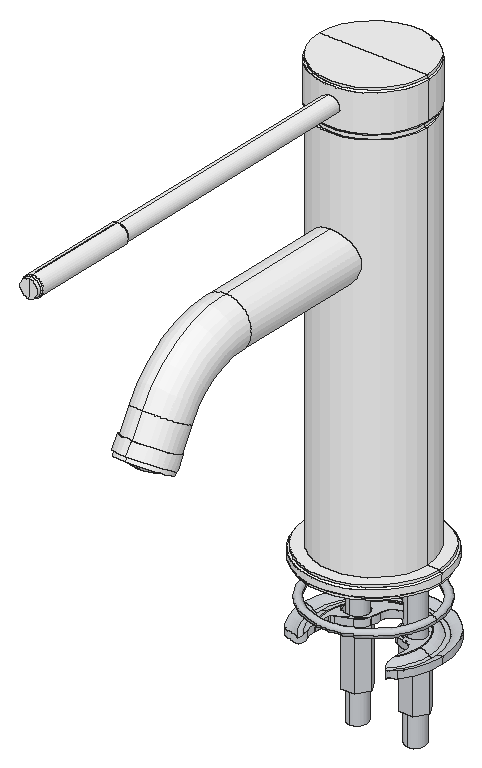
Revit family "Reece_Tap_Milli_Etch_Basin Mixer_Extended Lever", category Plumbing Fixtures, host Face, Revit 2018
Family settings
  Host = Face
  Round Connector Dimension = Use Diameter
  Part Type = Normal
  Cut with Voids When Loaded = No
  Shared = Yes
  Room Calculation Point = Yes
Parameters (values of type "107 mm_Chrome")
  WFU = 0  # constant formula
  URL = "https://www.reece.com.au/product/-21352"
  Type Comments = "Tap"
  Reece_Tap_Reach = 107 mm  # constant formula
  Reece_Tap_Inlet = 12 mm  # constant formula
  Reece_Tap_Clearance = 78 mm  # constant formula
  Reece_Product_Web Page = "https://www.reece.com.au/product/-21352"
  Reece_Product_Type = "Tap"
  Reece_Product_Sub Brand = "Etch"
  Reece_Product_Number = "21352"
  Reece_Product_Mount = "Hob Mounted"
  Reece_Product_Description = "Milli Etch Basin Mixer Tap with Extended Lever Chrome (6 Star) Lead Free"
  Reece_Product_Brand = "Milli"
  Reece_Overall_Length = 185 mm  # constant formula
  Reece_Overall_Height = 168 mm  # constant formula
  Reece_Material_Secondary = Reece_Brass_Chrome_Knurl Pattern
  Reece_Material_Main = Reece_Brass_Chrome
  Reece_Detail_Installation = ""
  Reece_Detail_Disclaimer = "THIS FILE IS THE PROPERTY OF THE REECE GROUP. IT MAY NOT BE REPRODUCED, REVERSE-ENGINEERED, OR MODIFIED. ANY REPUBLICATION, TRANSMISSION, OR DISTRIBUTION FOR THE PURPOSE OF COMMERCIALLY EXPLOITING THE FILES IS PROHIBITED."  # constant formula
  Reece_Detail_Connector = ""
  Reece_Detail_Additional = "Basin Mixer"
  Model = "Etch"
  Manufacturer = "Milli"
  Keynote = "Product #21352, Reece_Tap_Milli_Etch_Basin Mixer_Extended Lever - 107 mm_Chrome"
  HWFU = 0  # constant formula
  Disclaimer = "THIS FILE IS THE PROPERTY OF THE REECE GROUP. IT MAY NOT BE REPRODUCED, REVERSE-ENGINEERED, OR MODIFIED. ANY REPUBLICATION, TRANSMISSION, OR DISTRIBUTION FOR THE PURPOSE OF COMMERCIALLY EXPLOITING THE FILES IS PROHIBITED."  # constant formula
  Description = "Milli Etch Basin Mixer Tap with Extended Lever Chrome (6 Star) Lead Free"
  Default Elevation = 1000 mm
  CWFU = 0  # constant formula
Types (6, lengths in mm): name | URL | Reece_Product_Web Page | Reece_Product_Number | Reece_Product_Description | Reece_Material_Secondary | Reece_Material_Main | Keynote | Description
  107 mm_Chrome | "https://www.reece.com.au/product/-21352" | "https://www.reece.com.au/product/-21352" | "21352" | "Milli Etch Basin Mixer Tap with Extended Lever Chrome (6 Star) Lead Free" | Reece_Brass_Chrome_Knurl Pattern | Reece_Brass_Chrome | "Product #21352, Reece_Tap_Milli_Etch_Basin Mixer_Extended Lever - 107 mm_Chrome" | "Milli Etch Basin Mixer Tap with Extended Lever Chrome (6 Star) Lead Free"
  107 mm_Brushed Bronze | "https://www.reece.com.au/product/-21357" | "https://www.reece.com.au/product/-21357" | "21357" | "Milli Etch Basin Mixer Tap with Extended Lever Brushed Bronze (6 Star) Lead Free" | Reece_PVD_Brushed Bronze_Knurl Pattern | Reece_PVD_Brushed Bronze | "Product #21357, Reece_Tap_Milli_Etch_Basin Mixer_Extended Lever - 107 mm_Brushed Bronze" | "Milli Etch Basin Mixer Tap with Extended Lever Brushed Bronze (6 Star) Lead Free"
  107 mm_Brushed Gunmetal | "https://www.reece.com.au/product/-21356" | "https://www.reece.com.au/product/-21356" | "21356" | "Milli Etch Basin Mixer Tap with Extended Lever Brushed Gunmetal (6 Star) Lead Free" | Reece_Brass_Brushed Gunmetal_Knurl Pattern | Reece_Brass_Brushed Gunmetal | "Product #21356, Reece_Tap_Milli_Etch_Basin Mixer_Extended Lever - 107 mm_Brushed Gunmetal" | "Milli Etch Basin Mixer Tap with Extended Lever Brushed Gunmetal (6 Star) Lead Free"
  107 mm_Brushed Nickel | "https://www.reece.com.au/product/-21354" | "https://www.reece.com.au/product/-21354" | "21354" | "Milli Etch Basin Mixer Tap with Extended Lever Brushed Nickel (6 Star) Lead Free" | Reece_Brass_Brushed Nickel_Knurl Pattern | Reece_Brass_Brushed Nickel | "Product #21354, Reece_Tap_Milli_Etch_Basin Mixer_Extended Lever - 107 mm_Brushed Nickel" | "Milli Etch Basin Mixer Tap with Extended Lever Brushed Nickel (6 Star) Lead Free"
  107 mm_Brushed Gold | "https://www.reece.com.au/product/-21355" | "https://www.reece.com.au/product/-21355" | "21355" | "Milli Etch Basin Mixer Tap with Extended Lever Brushed Gold (6 Star) Lead Free" | Reece_PVD_Brushed Gold_Knurl Pattern | Reece_PVD_Brushed Gold | "Product #21355, Reece_Tap_Milli_Etch_Basin Mixer_Extended Lever - 107 mm_Brushed Gold" | "Milli Etch Basin Mixer Tap with Extended Lever Brushed Gold (6 Star) Lead Free"
  107 mm_Matte Black | "https://www.reece.com.au/product/-21353" | "https://www.reece.com.au/product/-21353" | "21353" | "Milli Etch Basin Mixer Tap with Extended Lever Matte Black (6 Star) Lead Free" | Reece_Brass_Matte Black_Knurl Pattern | Reece_Brass_Matte Black | "Product #21353, Reece_Tap_Milli_Etch_Basin Mixer_Extended Lever - 107 mm_Matte Black" | "Milli Etch Basin Mixer Tap with Extended Lever Matte Black (6 Star) Lead Free"
Reference planes
  plane 1 "Center (Front/Back)": y = 0
  plane 2 "Bottom": z = 0
  plane 3 "Center (Left/Right)": x = 0
  plane 4: y = 25
  plane 5: z = 168
  plane 6: z = 78
  plane 7: y = -107
  plane 8: through (0, -107.027, 78) normal (0, -0.866, 0.5)
  plane 9: y = -160
Forms (mm)
  Revolve 1, solid, material "Reece_Brass_Chrome" <- "Reece_Material_Main"
    sketch origin (0, 0, 0) x (1, 0, 0) y (0, 0, 1)
      loop
        line (-20, 150.5) -> (-20, 5) -> (-24.505, 5) -> (-24.505, 4.2) -> (-25.259, 3.7) -> (-23.075, 3.7) -> (-23.075, 1.3) -> (-25.259, 1.3) -> (-24.505, 0.8) -> (-24.505, 0) -> (0, 0) -> (0, 160.281) -> (-19.2, 160.281) -> (-19.2, 150.5) -> (-20, 150.5)
      axis (0, 160.281) -> (0, 0)
    angle from 0 to 360
  Revolve 2, solid, material "Reece_Brass_Chrome" <- "Reece_Material_Main"
    sketch origin (0, 0, 7.15) x (0, 1, 0) y (0, 0, 1)
      loop
        line (1.101, 153) -> (-118.7, 153) -> (-118.7, 149.25) -> (-118.1, 149.75) -> (1.101, 149.75) -> (1.101, 153)
      loop
        line (-158.2, 153) -> (-160, 153) -> (-160, 149.75) -> (-158.8, 149.75) -> (-158.2, 149.25) -> (-158.2, 153)
      axis (1.101, 153) -> (-160, 153)
    angle from 0 to 360
  Sweep 3, solid, material "Reece_Brass_Chrome" <- "Reece_Material_Main"
    path origin (0, 23, 0) x (0, 1, 0) y (0, 0, 1)
      loop
        line (-23, 109) -> (-91.668, 109)
        arc (-91.668, 109) -> (-109.168, 104.311) -> (-121.979, 91.5) r 35
        line (-121.979, 91.5) -> (-129.773, 78)
    profile origin (0, -34.334, 109) x (0, 0, -1) y (1, 0, 0)
      loop
        circle (0, 0) r 7.861
      loop
        circle (0, 0) r 9.5
  Extrusion 4, solid
    sketch origin (0, 0, 0) x (0, 1, 0) y (1, 0, 0)
      loop
        circle (6, 10.743) r 3.5
      loop
        circle (6, -10.743) r 3.5
    from 60 to 0
  Revolve 5, solid
    sketch origin (0, 0, -7.5) x (1, 0, 0) y (0, 0, 1)
      loop
        arc (-17.127, -16) -> (-19.041, -16.417) -> (-20.607, -17.592) r 4.6
        arc (-20.607, -17.592) -> (-21.5, -18) -> (-22.393, -17.592) r 1.18
        arc (-22.393, -17.592) -> (-23.926, -16.432) -> (-25.8, -16.001) r 4.6
        line (-25.8, -16.001) -> (-25.8, -18.5) -> (-24.2, -18.5)
        arc (-24.2, -18.5) -> (-21.5, -20) -> (-18.8, -18.5) r 3.18
        line (-18.8, -18.5) -> (-17.2, -18.5) -> (-17.2, -16.001)
      axis (0, -16) -> (0, -18.5)
    angle from 0 to 360
  Extrusion 6, void
    sketch origin (0, 0, -26) x (1, 0, 0) y (0, 1, 0)
      loop
        line (-15, -8.4) -> (-15, -11.9)
        arc (-15, -11.9) -> (-17.056, -15.277) -> (-21, -15) r 3.801
        line (-21, -15) -> (-27.6, -15) -> (-27.6, -34.6) -> (0, -34.6) -> (27.6, -34.6) -> (27.6, -15) -> (21, -15)
        arc (21, -15) -> (17.056, -15.277) -> (15, -11.9) r 3.801
        line (15, -11.9) -> (15, -8.4) -> (-15, -8.4)
    from 8.9 to -9.664
  Revolve 7, solid, material "Reece_Brass_Chrome_Knurl Pattern" <- "Reece_Material_Secondary"
    sketch origin (0, 0, 7.15) x (0, 1, 0) y (0, 0, 1)
      loop
        line (-158.2, 155.95) -> (-118.7, 155.95) -> (-118.7, 156.75) -> (-158.2, 156.75) -> (-158.2, 155.95)
      axis (-118.7, 153) -> (-158.2, 153)
    angle from 0 to 360
  Extrusion 8, solid
    sketch origin (0, 0, 0) x (1, 0, 0) y (0, 1, 0)
      loop
        circle (-10.743, 6) r 3.5
      loop
        line (-5.543, 6) -> (-8.143, 10.503) -> (-13.343, 10.503) -> (-15.943, 6) -> (-13.343, 1.497) -> (-8.143, 1.497) -> (-5.543, 6)
      loop
        circle (10.743, 6) r 3.5
      loop
        line (15.943, 6) -> (13.343, 10.503) -> (8.143, 10.503) -> (5.543, 6) -> (8.143, 1.497) -> (13.343, 1.497) -> (15.943, 6)
    from -48.5 to -26
  Extrusion 9, solid
    sketch origin (0.009, 0, 0) x (1, 0, 0) y (0, 1, 0)
      loop
        arc (-17.2, 0) -> (-16.643, -4.34) -> (-15.009, -8.4) r 17.2
        line (-15.009, -8.4) -> (-15.009, -2.598)
        arc (-15.009, -2.598) -> (-14.617, -1.409) -> (-13.595, -0.686) r 2
        line (-13.595, -0.686) -> (-6.814, 3.229)
        arc (-6.814, 3.229) -> (-4.792, 5.425) -> (-4.382, 8.382) r 5
        arc (-4.382, 8.382) -> (0, 13.556) -> (4.382, 8.382) r 4.443
        arc (4.382, 8.382) -> (4.792, 5.425) -> (6.814, 3.229) r 5
        line (6.814, 3.229) -> (13.595, -0.686)
        arc (13.595, -0.686) -> (14.617, -1.409) -> (15.009, -2.598) r 2
        line (15.009, -2.598) -> (15.009, -8.4)
        arc (15.009, -8.4) -> (16.643, -4.34) -> (17.2, 0) r 17.2
        arc (17.2, 0) -> (0, 17.2) -> (-17.2, 0) r 17.2
      loop
        line (-12.14, 9.204) -> (-13.722, 8.291)
        arc (-13.722, 8.291) -> (-15.003, 3.51) -> (-10.222, 2.229) r 3.5
        line (-10.222, 2.229) -> (-8.64, 3.142)
        arc (-8.64, 3.142) -> (-7.359, 7.923) -> (-12.14, 9.204) r 3.5
      loop
        arc (12.14, 9.204) -> (7.359, 7.923) -> (8.64, 3.142) r 3.5
        line (8.64, 3.142) -> (10.222, 2.229)
        arc (10.222, 2.229) -> (15.003, 3.51) -> (13.722, 8.291) r 3.5
        line (13.722, 8.291) -> (12.14, 9.204)
    from -23.5 to -26
  Revolve 10, solid
    sketch origin (0, 0, 0) x (1, 0, 0) y (0, 0, 1)
      loop
        circle (-22, -12.598) r 1.3
      axis (0, -12.598) -> (0, -13.598)
    angle from 0 to 360
  Extrusion 11, void
    sketch origin (0, 0, 0) x (1, 0, 0) y (0, 1, 0)
      loop
        circle (-10.743, 6) r 3.5
      loop
        circle (10.743, 6) r 3.5
      loop
        circle (7.191, -5.721) r 6.7
      loop
        circle (-7.191, -5.721) r 6.7
    from 4.469 to 0
  Extrusion 12, solid
    sketch origin (0, 0, -26) x (0, 1, 0) y (1, 0, 0)
      loop
        arc (-8.417, -15) -> (17.2, 0) -> (-8.417, 15) r 17.2
        line (-8.417, 15) -> (-2.83, 15)
        arc (-2.83, 15) -> (-1.68, 14.638) -> (-0.946, 13.681) r 2.004
        line (-0.946, 13.681) -> (1.021, 8.277)
        arc (1.021, 8.277) -> (2.606, 6.074) -> (5.11, 5.025) r 5
        line (5.11, 5.025) -> (9.672, 4.465)
        arc (9.672, 4.465) -> (13.622, 0) -> (9.672, -4.465) r 4.498
        line (9.672, -4.465) -> (5.11, -5.025)
        arc (5.11, -5.025) -> (2.606, -6.074) -> (1.021, -8.277) r 5
        line (1.021, -8.277) -> (-1.001, -13.832)
        arc (-1.001, -13.832) -> (-1.44, -14.535) -> (-2.127, -15) r 2
        line (-2.127, -15) -> (-8.417, -15)
      loop
        line (2.677, -9.644) -> (2.335, -10.584)
        arc (2.335, -10.584) -> (4.512, -14.989) -> (8.948, -12.876) r 3.5
        line (8.948, -12.876) -> (9.523, -11.293)
        arc (9.523, -11.293) -> (7.565, -6.747) -> (3.019, -8.704) r 3.5
        line (3.019, -8.704) -> (2.677, -9.644)
      loop
        line (2.677, 9.644) -> (3.019, 8.704)
        arc (3.019, 8.704) -> (7.565, 6.747) -> (9.523, 11.293) r 3.5
        line (9.523, 11.293) -> (8.948, 12.876)
        arc (8.948, 12.876) -> (4.512, 14.989) -> (2.335, 10.584) r 3.5
        line (2.335, 10.584) -> (2.677, 9.644)
    from 0 to -2.5
  Revolve 13, solid, material "Reece_Brass_Chrome" <- "Reece_Material_Main"
    sketch origin (0, 0, 0) x (0, 1, 0) y (0, 0, 1)
      loop
        line (-99.434, 73.763) -> (-98.708, 75.019) -> (-106.047, 79.257) -> (-107.446, 76.834)
        arc (-107.446, 76.834) -> (-104.275, 75.395) -> (-100.884, 74.6) r 17.839
        line (-100.884, 74.6) -> (-99.434, 73.763)
      axis (-106.047, 79.257) -> (-107.446, 76.834)
    angle from 0 to 360
  Extrusion 14, void
    sketch origin (0, 0, 0) x (0, 1, 0) y (0, 0, 1)
      loop
        line (-105.907, 77.5) -> (-107.639, 78.5) -> (-109.528, 75.227) -> (-107.796, 74.227) -> (-105.907, 77.5)
    from 20 to -20.015
  Extrusion 15, void
    sketch origin (0, 0, 0) x (1, 0, 0) y (0, 1, 0)
      loop
        circle (0, 0) r 23.583
    from 0 to -80
  Revolve 16, solid, material "Reece_Brass_Chrome_Knurl Pattern" <- "Reece_Material_Secondary"
    sketch origin (0, 23, 0) x (0, 1, 0) y (0, 0, 1)
      loop
        line (-129.214, 79.409) -> (-120.553, 74.409) -> (-118.053, 78.739) -> (-126.714, 83.739) -> (-129.214, 79.409)
      axis (-126.714, 83.739) -> (-129.214, 79.409)
    angle from 0 to 360
  Revolve 17, solid, material "Reece_Brass_Chrome_Knurl Pattern" <- "Reece_Material_Secondary"
    sketch origin (0, 0, 0) x (1, 0, 0) y (0, 0, 1)
      loop
        line (-23.583, 3.7) -> (-25.259, 3.7) -> (-25.259, 1.3) -> (-23.583, 1.3) -> (-23.583, 3.7)
      axis (0, 3.7) -> (0, 1.3)
    angle from 0 to 360
  Revolve 18, solid, material "Reece_Brass_Chrome" <- "Reece_Material_Main"
    sketch origin (0, 0, 5.5) x (1, 0, 0) y (0, 0, 1)
      loop
        line (0, 162.5) -> (-20, 162.5) -> (-20, 161.7) -> (-20.5, 161.1) -> (-17, 161.1) -> (-17, 147.4) -> (-20.5, 147.4) -> (-20, 146.8) -> (0, 146.8) -> (0, 162.5)
      axis (0, 146.8) -> (0, 162.5)
    angle from 0 to 360
  Revolve 19, solid, material "Reece_Brass_Chrome_Knurl Pattern" <- "Reece_Material_Secondary"
    sketch origin (0, 0, 5.5) x (1, 0, 0) y (0, 0, 1)
      loop
        line (-20.5, 161.1) -> (-20.5, 147.4) -> (0, 147.4) -> (0, 161.1) -> (-20.5, 161.1)
      axis (0, 147.4) -> (0, 161.1)
    angle from 0 to 360
Cuts and joins
  Extrusion 6 cuts Revolve 5
  Extrusion 11 cuts Extrusion 4
  Extrusion 11 cuts Revolve 1
  Extrusion 14 cuts Sweep 3
  Extrusion 14 cuts Revolve 13
  joined: Revolve 1, Revolve 2, Sweep 3, Revolve 13, Revolve 18
Text (mm)
  text "Reece ©" at (-376.789, -229.394, 0), in view "Ref. Level"
  text "Reece ©" at (44.384, 258.95, 192.345), in view "Reece Preview"
Dimensions and locks
  "Reece_Tap_Clearance": plane 6 to level
  "Reece_Overall_Height": level to plane 5
  "Reece_Tap_Reach": plane 1 "Center (Front/Back)" to plane 7
  plane 1 "Center (Front/Back)" to plane 9 = 160 mm
  "Reece_Overall_Length": plane 4 to plane 9
  aligned and locked: plane 2 "Bottom" to host face
  aligned and locked: level to host face
  aligned and locked: host face to Extrusion 15
  aligned and locked: plane 1 "Center (Front/Back)" to Sweep 3 sketch curve
Automatic sketch dimensions
  host sketch curve to host sketch curve = 380.785 mm
  host sketch curve to host sketch curve = 317.421 mm
  Sweep 3 sketch curve to Sweep 3 sketch curve = 0 mm  (x2)
  Sweep 3 sketch curve to profile plane = 0 mm  (x2)
  Extrusion 4 sketch curve to Extrusion 4 sketch curve = 21.485 mm
  Revolve 5 sketch curve to Revolve 5 sketch curve = 0 mm  (x4)
  Revolve 5 sketch curve to plane 3 "Center (Left/Right)" = 0 mm
  Revolve 5 sketch curve to plane 3 "Center (Left/Right)" = 17.127 mm
  Revolve 5 sketch curve to Revolve 5 sketch curve = 0.073 mm  (x2)
  Revolve 5 sketch curve to Revolve 5 sketch curve = 1.6 mm  (x2)
  Revolve 5 sketch curve to Revolve 5 sketch curve = 2.7 mm  (x2)
  Revolve 5 sketch curve to level = 28.1 mm
  Revolve 5 sketch curve to Revolve 5 sketch curve = 2.1 mm
  Revolve 5 sketch curve to Revolve 5 sketch curve = 1.68 mm
  Revolve 5 sketch curve to Revolve 5 sketch curve = 2.499 mm
  Revolve 5 sketch curve to Revolve 5 sketch curve = 0.893 mm
  Revolve 5 sketch curve to Revolve 5 sketch curve = 0.4 mm
  Revolve 5 sketch curve to Revolve 5 sketch curve = 5 mm
  Extrusion 6 sketch curve to Revolve 5 = 34.6 mm
  Extrusion 6 sketch curve to Extrusion 6 sketch curve = 6.6 mm  (x4)
  Extrusion 6 sketch curve to Extrusion 6 sketch curve = 2.199 mm  (x2)
  Extrusion 6 sketch curve to Extrusion 6 sketch curve = 3.801 mm  (x2)
  Extrusion 6 sketch curve to Extrusion 6 sketch curve = 15 mm
  Extrusion 6 sketch curve to Revolve 5 = 8.4 mm
  Extrusion 6 sketch curve to Extrusion 6 sketch curve = 30 mm
  Extrusion 8 sketch curve to Extrusion 8 sketch curve = 0 mm  (x5)
  Extrusion 8 sketch curve to plane 1 "Center (Front/Back)" = 6 mm  (x2)
  Extrusion 8 sketch curve to plane 3 "Center (Left/Right)" = 15.943 mm
  Extrusion 8 sketch curve to Extrusion 8 sketch curve = 2.6 mm  (x12)
  Extrusion 8 sketch curve to plane 1 "Center (Front/Back)" = 1.497 mm  (x2)
  plane 3 "Center (Left/Right)" to Extrusion 8 sketch curve = 5.543 mm
  Extrusion 8 sketch curve to Extrusion 8 sketch curve = 4.503 mm  (x5)
  Extrusion 8 sketch curve to plane 1 "Center (Front/Back)" = 2.5 mm  (x2)
  Extrusion 9 sketch curve to Extrusion 9 sketch curve = 0 mm  (x7)
  plane 1 "Center (Front/Back)" to Extrusion 9 sketch curve = 0 mm
  plane 1 "Center (Front/Back)" to Extrusion 9 sketch curve = 2.598 mm  (x2)
  Extrusion 9 sketch curve to plane 3 "Center (Left/Right)" = 15 mm
  Extrusion 9 sketch curve to Extrusion 9 sketch curve = 1.288 mm
  plane 1 "Center (Front/Back)" to Extrusion 9 sketch curve = 0.686 mm  (x2)
  Extrusion 9 sketch curve to Extrusion 9 sketch curve = 1.414 mm
  Extrusion 9 sketch curve to Extrusion 9 sketch curve = 1.582 mm  (x6)
  Extrusion 9 sketch curve to Extrusion 9 sketch curve = 1.75 mm  (x2)
  Extrusion 9 sketch curve to plane 1 "Center (Front/Back)" = 2.229 mm  (x2)
  Extrusion 9 sketch curve to Extrusion 9 sketch curve = 1.076 mm  (x2)
  Extrusion 9 sketch curve to plane 1 "Center (Front/Back)" = 3.142 mm
  Extrusion 9 sketch curve to plane 1 "Center (Front/Back)" = 3.229 mm  (x2)
  Extrusion 9 sketch curve to Extrusion 9 sketch curve = 1.826 mm  (x2)
  plane 3 "Center (Left/Right)" to Extrusion 9 sketch curve = 0.009 mm  (x2)
  plane 3 "Center (Left/Right)" to Extrusion 9 sketch curve = 6.823 mm
  Extrusion 9 sketch curve to Extrusion 9 sketch curve = 0.674 mm
  Extrusion 9 sketch curve to Extrusion 9 sketch curve = 2.826 mm
  Extrusion 9 sketch curve to Extrusion 9 sketch curve = 2.788 mm
  Extrusion 9 sketch curve to Extrusion 9 sketch curve = 0.586 mm
  Extrusion 9 sketch curve to plane 1 "Center (Front/Back)" = 8.291 mm
  Extrusion 9 sketch curve to Extrusion 9 sketch curve = 5.802 mm
  Extrusion 9 sketch curve to Extrusion 9 sketch curve = 0.913 mm  (x3)
  Extrusion 9 sketch curve to Extrusion 9 sketch curve = 3.031 mm
  Extrusion 9 sketch curve to Extrusion 9 sketch curve = 1.386 mm  (x2)
  Extrusion 9 sketch curve to Extrusion 9 sketch curve = 5.884 mm
  plane 3 "Center (Left/Right)" to Revolve 10 sketch curve = 0 mm
  Revolve 10 sketch curve to plane 3 "Center (Left/Right)" = 22 mm
  Revolve 10 sketch curve to level = 12.598 mm
  Revolve 10 sketch curve to Revolve 10 sketch curve = 440.332 mm
  Revolve 10 sketch curve to plane 5 = 2277.244 mm
  Extrusion 11 sketch curve to Extrusion 11 sketch curve = 0 mm  (x4)
  Extrusion 11 sketch curve to plane 3 "Center (Left/Right)" = 10.743 mm
  Extrusion 11 sketch curve to plane 3 "Center (Left/Right)" = 7.191 mm
  plane 3 "Center (Left/Right)" to Extrusion 11 sketch curve = 7.191 mm
  plane 3 "Center (Left/Right)" to Extrusion 11 sketch curve = 10.743 mm
  plane 1 "Center (Front/Back)" to Extrusion 11 sketch curve = 5.721 mm  (x2)
  Extrusion 11 sketch curve to plane 1 "Center (Front/Back)" = 6 mm  (x2)
  Extrusion 11 sketch curve to plane 1 "Center (Front/Back)" = 2.5 mm  (x2)
  Extrusion 12 sketch curve to Revolve 5 = 0.946 mm
  Extrusion 12 sketch curve to Revolve 5 = 1.001 mm
  Extrusion 12 sketch curve to Extrusion 12 sketch curve = 1.125 mm
  Extrusion 12 sketch curve to Extrusion 12 sketch curve = 1.884 mm
  Extrusion 12 sketch curve to Extrusion 12 sketch curve = 0.754 mm
  Extrusion 12 sketch curve to Extrusion 12 sketch curve = 5.587 mm
  Extrusion 12 sketch curve to Extrusion 12 sketch curve = 5.536 mm
  Revolve 5 to Extrusion 12 sketch curve = 1.021 mm  (x2)
  Revolve 5 to Extrusion 12 sketch curve = 2.335 mm  (x2)
  Extrusion 12 sketch curve to Extrusion 12 sketch curve = 0.342 mm  (x4)
  Extrusion 12 sketch curve to Extrusion 12 sketch curve = 2.091 mm  (x2)
  Extrusion 12 sketch curve to Extrusion 12 sketch curve = 3.323 mm  (x2)
  Extrusion 12 sketch curve to Extrusion 12 sketch curve = 0.061 mm  (x2)
  Extrusion 12 sketch curve to Extrusion 12 sketch curve = 0.552 mm  (x2)
  Extrusion 12 sketch curve to Extrusion 12 sketch curve = 3.29 mm  (x2)
  Extrusion 12 sketch curve to Extrusion 12 sketch curve = 4.014 mm
  Extrusion 12 sketch curve to Extrusion 12 sketch curve = 0.575 mm  (x2)
  Extrusion 12 sketch curve to Extrusion 12 sketch curve = 0.548 mm  (x2)
  Extrusion 12 sketch curve to Extrusion 12 sketch curve = 1.319 mm
  Extrusion 12 sketch curve to Extrusion 12 sketch curve = 0.805 mm
  Extrusion 12 sketch curve to Extrusion 12 sketch curve = 1.194 mm
  Extrusion 12 sketch curve to Extrusion 12 sketch curve = 1.583 mm
  Extrusion 12 sketch curve to Extrusion 12 sketch curve = 1.683 mm
  Extrusion 12 sketch curve to Extrusion 12 sketch curve = 0.011 mm  (x2)
  Extrusion 12 sketch curve to Extrusion 12 sketch curve = 0.94 mm  (x3)
  Extrusion 12 sketch curve to Extrusion 12 sketch curve = 0.427 mm  (x2)
  Extrusion 12 sketch curve to Extrusion 12 sketch curve = 0.56 mm  (x2)
  Extrusion 12 sketch curve to Extrusion 12 sketch curve = 4.465 mm
  Extrusion 12 sketch curve to Extrusion 12 sketch curve = 3.253 mm
  Extrusion 12 sketch curve to Extrusion 12 sketch curve = 1.695 mm
  Extrusion 12 sketch curve to Extrusion 12 sketch curve = 1.852 mm
  Revolve 13 sketch curve to plane 6 = 0 mm
  plane 7 to Revolve 13 sketch curve = 0.446 mm
  Revolve 13 sketch curve to plane 7 = 0.953 mm
  Revolve 13 sketch curve to plane 7 = 6.116 mm
  Revolve 13 sketch curve to Revolve 13 sketch curve = 1.45 mm
  Revolve 13 sketch curve to plane 6 = 2.981 mm
  Revolve 13 sketch curve to Revolve 13 sketch curve = 0.726 mm
  Revolve 13 sketch curve to plane 7 = 8.473 mm
  Revolve 13 sketch curve to Revolve 13 sketch curve = 0.419 mm
  plane 7 to Revolve 13 sketch curve = 1.711 mm
  Revolve 13 sketch curve to plane 7 = 0.227 mm
  Revolve 13 sketch curve to Revolve 13 sketch curve = 2.191 mm
  plane 7 to Extrusion 14 sketch curve = 2.528 mm
  plane 7 to Extrusion 14 sketch curve = 0.796 mm
  plane 7 to Extrusion 14 sketch curve = 0.639 mm
  Extrusion 14 sketch curve to plane 6 = 3.773 mm
  Extrusion 14 sketch curve to Extrusion 14 sketch curve = 1 mm
  plane 1 "Center (Front/Back)" to Extrusion 15 sketch curve = 0 mm
  Extrusion 15 sketch curve to plane 3 "Center (Left/Right)" = 0 mm
  plane 5 to Revolve 7 sketch curve = 4.9 mm
  plane 7 to Revolve 7 sketch curve = 11.7 mm
  Revolve 7 sketch curve to Revolve 7 sketch curve = 0.8 mm
  plane 5 to Revolve 7 sketch curve = 7.85 mm
  Revolve 7 sketch curve to plane 4 = 1694.042 mm
  Revolve 7 sketch curve to Revolve 7 sketch curve = 1440.861 mm
  Sweep 3 sketch curve to plane 6 = 0 mm
  Sweep 3 sketch curve to plane 6 = 4 mm
  Sweep 3 sketch curve to plane 7 = 38.332 mm
  Sweep 3 sketch curve to plane 7 = 8.021 mm
  Sweep 3 sketch curve to plane 7 = 0.227 mm
  plane 6 to Sweep 3 sketch curve = 13.5 mm
  Revolve 7 sketch curve to Revolve 7 sketch curve = 39.5 mm
  Revolve 1 sketch curve to plane 3 "Center (Left/Right)" = 0 mm
  plane 3 "Center (Left/Right)" to Revolve 1 sketch curve = 0 mm
  Revolve 1 sketch curve to Revolve 1 sketch curve = 19.2 mm
  Revolve 1 sketch curve to Revolve 1 sketch curve = 0.8 mm  (x2)
  level to Revolve 1 sketch curve = 1.3 mm
  Revolve 1 sketch curve to Revolve 1 sketch curve = 3.075 mm
  level to Revolve 1 sketch curve = 0.8 mm
  Revolve 1 sketch curve to Revolve 1 sketch curve = 1.429 mm  (x2)
  Revolve 1 sketch curve to Revolve 1 sketch curve = 0.754 mm  (x2)
  Revolve 1 sketch curve to Revolve 1 sketch curve = 2.4 mm
  Revolve 1 sketch curve to Revolve 1 sketch curve = 0.5 mm
  plane 5 to Revolve 1 sketch curve = 17.5 mm
  plane 5 to Revolve 1 sketch curve = 7.719 mm
  Revolve 1 sketch curve to Revolve 1 sketch curve = 452.931 mm
  Revolve 1 sketch curve to plane 5 = 2274.744 mm
  Revolve 1 sketch curve to level = 0 mm
  Extrusion 4 sketch curve to plane 1 "Center (Front/Back)" = 6 mm  (x2)
  plane 3 "Center (Left/Right)" to Extrusion 4 sketch curve = 10.743 mm
  Revolve 16 sketch curve to plane 8 = 0 mm  (x4)
  Revolve 16 sketch curve to plane 7 = 0.786 mm
  Revolve 16 sketch curve to plane 7 = 3.286 mm
  Revolve 16 sketch curve to plane 6 = 3.591 mm
  plane 7 to Revolve 16 sketch curve = 0.014 mm
  plane 7 to Revolve 16 sketch curve = 2.13 mm
  plane 3 "Center (Left/Right)" to Revolve 17 sketch curve = 0 mm
  level to Revolve 17 sketch curve = 3.7 mm
  Revolve 17 sketch curve to plane 3 "Center (Left/Right)" = 23.583 mm
  Revolve 17 sketch curve to Revolve 17 sketch curve = 1.676 mm
  level to Revolve 17 sketch curve = 1.3 mm
  Revolve 17 sketch curve to level = 452.931 mm
  Revolve 17 sketch curve to plane 5 = 2277.244 mm
  Revolve 2 sketch curve to plane 9 = 0 mm
  Revolve 2 sketch curve to plane 9 = 1.2 mm
  Revolve 2 sketch curve to plane 9 = 1.8 mm
  plane 7 to Revolve 2 sketch curve = 11.7 mm
  Revolve 2 sketch curve to Revolve 2 sketch curve = 0.6 mm
  Revolve 2 sketch curve to plane 1 "Center (Front/Back)" = 1.101 mm
  plane 5 to Revolve 2 sketch curve = 11.6 mm  (x2)
  plane 5 to Revolve 2 sketch curve = 11.1 mm
  Revolve 2 sketch curve to Revolve 2 sketch curve = 0.5 mm
  Revolve 2 sketch curve to Revolve 2 sketch curve = 3.25 mm  (x2)
  plane 5 to Revolve 2 sketch curve = 7.85 mm
  plane 9 to Revolve 2 sketch curve = 1439.061 mm
  Revolve 2 sketch curve to plane 4 = 1694.042 mm
  Revolve 18 sketch curve to plane 5 = 0 mm
  Revolve 18 sketch curve to plane 3 "Center (Left/Right)" = 0 mm  (x2)
  plane 5 to Revolve 18 sketch curve = 1.4 mm
  Revolve 18 sketch curve to plane 3 "Center (Left/Right)" = 17 mm
  plane 5 to Revolve 18 sketch curve = 0.8 mm
  Revolve 18 sketch curve to Revolve 18 sketch curve = 3 mm  (x2)
  Revolve 18 sketch curve to Revolve 18 sketch curve = 0.5 mm  (x2)
  Revolve 18 sketch curve to Revolve 18 sketch curve = 13.7 mm
  Revolve 18 sketch curve to Revolve 18 sketch curve = 0.6 mm
  Revolve 18 sketch curve to Revolve 18 sketch curve = 2.283 mm
  Revolve 18 sketch curve to Revolve 18 sketch curve = 4.017 mm
  Revolve 19 sketch curve to plane 3 "Center (Left/Right)" = 0 mm  (x2)
  Revolve 19 sketch curve to Revolve 19 sketch curve = 20.5 mm
  plane 5 to Revolve 19 sketch curve = 15.1 mm
  plane 5 to Revolve 19 sketch curve = 1.4 mm
  Revolve 19 sketch curve to Revolve 19 sketch curve = 4.044 mm
  Revolve 19 sketch curve to Revolve 19 sketch curve = 1.105 mm
  radius of Sweep 3 sketch curve = 7.861 mm
  radius of Sweep 3 sketch curve = 9.5 mm
  radius of Extrusion 4 sketch curve = 3.5 mm  (x2)
  radius of Revolve 10 sketch curve = 1.3 mm
  radius of Extrusion 11 sketch curve = 6.7 mm  (x2)
  radius of Extrusion 12 sketch curve to Revolve 5 = 0 mm
  radius of Extrusion 15 sketch curve = 23.583 mm
Connectors
  piping at (-7.191, -5.721, 4.469), diameter 12, driven by "Reece_Tap_Inlet"
    settings: on cut or joined group of Revolve 1, Revolve 2, Sweep 3, Extrusion 11, Revolve 13, Extrusion 14, Revolve 18, index 1, connector inside diameter 609.6 mm, connector length 0 mm, flow factor 0, pipe flow 0.0 L/s, pressure drop 0.0 Pa, fitting loss kfactor 0, connector angle 0.00°, fixture units 0, engagement length 0 mm, angle of deflection 0.00°, flow configuration 0, flow direction 1, fitting loss method 0, system type 29, joint type 0, gender type 0, connector reference index -1, connector utility 0, adjustable connector no, is connector primary yes, connector description ""
  piping at (7.191, -5.721, 4.469), diameter 12, driven by "Reece_Tap_Inlet"
    settings: on cut or joined group of Revolve 1, Revolve 2, Sweep 3, Extrusion 11, Revolve 13, Extrusion 14, Revolve 18, index 2, connector inside diameter 609.6 mm, connector length 0 mm, flow factor 0, pipe flow 0.0 L/s, pressure drop 0.0 Pa, fitting loss kfactor 0, connector angle 0.00°, fixture units 0, engagement length 0 mm, angle of deflection 0.00°, flow configuration 0, flow direction 1, fitting loss method 0, system type 29, joint type 0, gender type 0, connector reference index -1, connector utility 0, adjustable connector no, is connector primary no, connector description ""
